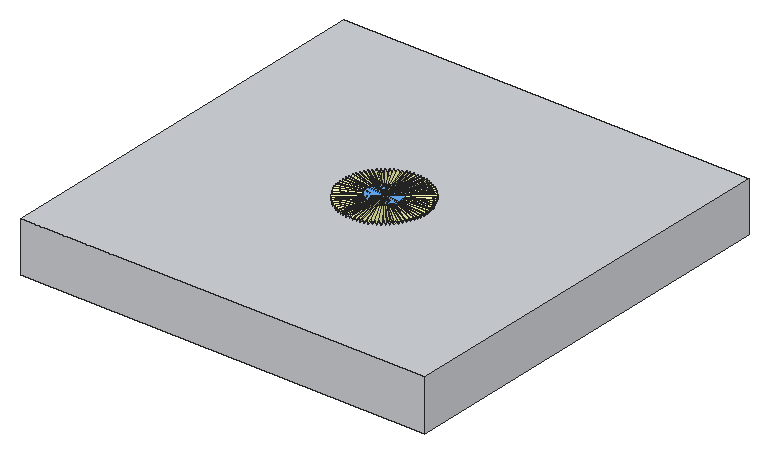
Revit family "Leque de Papel", category Mobiliário, Revit 2018 (continued)
Forms (mm)
  Sweep 140, solid, material "Papel" <- "Leque", visible <- "10", not visible
    profile origin (70, 0, 0) x (-0.504176, 0.863601, 0) y (0, 0, 1)
      loop
        line (7, 0) -> (0, 12.727) -> (-7, 0) -> (-6.105, -0.448) -> (0, 10.652) -> (6.105, -0.448) -> (7, 0)
  Sweep 141, solid, material "Papel" <- "Leque", visible <- "10", not visible
    path origin (70, 0, 0) x (-0.709663, 0.704541, 0) y (0.704541, 0.709663, 0)
      loop
        line (0, -50) -> (0, 50)
    profile origin (70, 0, 0) x (-0.709663, 0.704541, 0) y (0, 0, 1)
      loop
        line (-7, 0) -> (-6.105, -0.448) -> (0, 10.652) -> (6.105, -0.448) -> (7, 0) -> (0, 12.727) -> (-7, 0)
  Sweep 142, solid, material "Papel" <- "Leque", visible <- "10", not visible
    path origin (70, 0, 0) x (0.264644, -0.964346, 0) y (0.964346, 0.264644, 0)
      loop
        line (0, -50) -> (0, 50)
    profile origin (70, 0, 0) x (-0.264644, 0.964346, 0) y (0, 0, 1)
      loop
        line (7, 0) -> (0, 12.727) -> (-7, 0) -> (-6.105, -0.448) -> (0, 10.652) -> (6.105, -0.448) -> (7, 0)
  Sweep 143, solid, material "Papel" <- "Leque", visible <- "50"
    path origin (0, 0, 0.448) x (1, 0, 0) y (0, 1, 0)
      loop
        line (0, -250) -> (0, 250)
    profile origin (0, 0, 0.448) x (-1, 0, 0) y (0, 0, 1)
      loop
        line (10.75, 0) -> (0, 19.545) -> (-10.75, 0) -> (-9.855, -0.448) -> (0, 17.47) -> (9.855, -0.448) -> (10.75, 0)
  Sweep 144, solid, material "Papel" <- "Leque", visible <- "50"
    path origin (0, 0, 0.448) x (0, -1, 0) y (-1, 0, 0)
      loop
        line (0, -250) -> (0, 250)
    profile origin (0, 0, 0.448) x (0, -1, 0) y (0, 0, 1)
      loop
        line (-11, 0) -> (-10.105, -0.448) -> (0, 17.925) -> (10.105, -0.448) -> (11, 0) -> (0, 20) -> (-11, 0)
  Sweep 145, solid, material "Papel" <- "Leque", visible <- "50"
    path origin (0, 0, 0.448) x (-0.996609, -0.08228, 0) y (-0.08228, 0.996609, 0)
      loop
        line (0, -250) -> (0, 250)
    profile origin (0, 0, 0.448) x (-0.996609, -0.08228, 0) y (0, 0, 1)
      loop
        line (-10.75, 0) -> (-9.855, -0.448) -> (0, 17.47) -> (9.855, -0.448) -> (10.75, 0) -> (0, 19.545) -> (-10.75, 0)
  Sweep 146, solid, material "Papel" <- "Leque", visible <- "50"
    path origin (0, 0, 0.448) x (-0.98646, -0.164001, 0) y (-0.164001, 0.98646, 0)
      loop
        line (0, -250) -> (0, 250)
    profile origin (0, 0, 0.448) x (-0.98646, -0.164001, 0) y (0, 0, 1)
      loop
        line (-10.75, 0) -> (-9.855, -0.448) -> (0, 17.47) -> (9.855, -0.448) -> (10.75, 0) -> (0, 19.545) -> (-10.75, 0)
  Sweep 147, solid, material "Papel" <- "Leque", visible <- "50"
    path origin (0, 0, 0.448) x (-0.946207, -0.323561, 0) y (-0.323561, 0.946207, 0)
      loop
        line (0, -250) -> (0, 250)
    profile origin (0, 0, 0.448) x (-0.946207, -0.323561, 0) y (0, 0, 1)
      loop
        line (-10.75, 0) -> (-9.855, -0.448) -> (0, 17.47) -> (9.855, -0.448) -> (10.75, 0) -> (0, 19.545) -> (-10.75, 0)
  Sweep 148, solid, material "Papel" <- "Leque", visible <- "50"
    path origin (0, 0, 0.448) x (0.969621, 0.244611, 0) y (-0.244611, 0.969621, 0)
      loop
        line (0, -250) -> (0, 250)
    profile origin (0, 0, 0.448) x (-0.969621, -0.244611, 0) y (0, 0, 1)
      loop
        line (10.75, 0) -> (0, 19.545) -> (-10.75, 0) -> (-9.855, -0.448) -> (0, 17.47) -> (9.855, -0.448) -> (10.75, 0)
  Sweep 149, solid, material "Papel" <- "Leque", visible <- "50"
    path origin (0, 0, 0.448) x (-0.790616, -0.612312, 0) y (-0.612312, 0.790616, 0)
      loop
        line (0, -250) -> (0, 250)
    profile origin (0, 0, 0.448) x (-0.790616, -0.612312, 0) y (0, 0, 1)
      loop
        line (-10.75, 0) -> (-9.855, -0.448) -> (0, 17.47) -> (9.855, -0.448) -> (10.75, 0) -> (0, 19.545) -> (-10.75, 0)
  Sweep 150, solid, material "Papel" <- "Leque", visible <- "50"
    path origin (0, 0, 0.448) x (0.838316, 0.545184, 0) y (-0.545184, 0.838316, 0)
      loop
        line (0, -250) -> (0, 250)
    profile origin (0, 0, 0.448) x (-0.838316, -0.545184, 0) y (0, 0, 1)
      loop
        line (10.75, 0) -> (0, 19.545) -> (-10.75, 0) -> (-9.855, -0.448) -> (0, 17.47) -> (9.855, -0.448) -> (10.75, 0)
  Sweep 151, solid, material "Papel" <- "Leque", visible <- "50"
    path origin (0, 0, 0.448) x (0.880331, 0.474359, 0) y (-0.474359, 0.880331, 0)
      loop
        line (0, -250) -> (0, 250)
    profile origin (0, 0, 0.448) x (-0.880331, -0.474359, 0) y (0, 0, 1)
      loop
        line (10.75, 0) -> (0, 19.545) -> (-10.75, 0) -> (-9.855, -0.448) -> (0, 17.47) -> (9.855, -0.448) -> (10.75, 0)
  Sweep 152, solid, material "Papel" <- "Leque", visible <- "50"
    path origin (0, 0, 0.448) x (-0.916376, -0.400318, 0) y (-0.400318, 0.916376, 0)
      loop
        line (0, -250) -> (0, 250)
    profile origin (0, 0, 0.448) x (-0.916376, -0.400318, 0) y (0, 0, 1)
      loop
        line (-10.75, 0) -> (-9.855, -0.448) -> (0, 17.47) -> (9.855, -0.448) -> (10.75, 0) -> (0, 19.545) -> (-10.75, 0)
  Sweep 153, solid, material "Papel" <- "Leque", visible <- "50"
    path origin (0, 0, 0.448) x (-0.250148, -0.968207, 0) y (-0.968207, 0.250148, 0)
      loop
        line (0, -250) -> (0, 250)
    profile origin (0, 0, 0.448) x (-0.250148, -0.968207, 0) y (0, 0, 1)
      loop
        line (-10.75, 0) -> (-9.855, -0.448) -> (0, 17.47) -> (9.855, -0.448) -> (10.75, 0) -> (0, 19.545) -> (-10.75, 0)
  Sweep 154, solid, material "Papel" <- "Leque", visible <- "50"
    path origin (0, 0, 0.448) x (0.328964, 0.944342, 0) y (-0.944342, 0.328964, 0)
      loop
        line (0, -250) -> (0, 250)
    profile origin (0, 0, 0.448) x (-0.328964, -0.944342, 0) y (0, 0, 1)
      loop
        line (10.75, 0) -> (0, 19.545) -> (-10.75, 0) -> (-9.855, -0.448) -> (0, 17.47) -> (9.855, -0.448) -> (10.75, 0)
  Sweep 155, solid, material "Papel" <- "Leque", visible <- "50"
    path origin (0, 0, 0.448) x (0.405549, 0.914073, 0) y (-0.914073, 0.405549, 0)
      loop
        line (0, -250) -> (0, 250)
    profile origin (0, 0, 0.448) x (-0.405549, -0.914073, 0) y (0, 0, 1)
      loop
        line (10.75, 0) -> (0, 19.545) -> (-10.75, 0) -> (-9.855, -0.448) -> (0, 17.47) -> (9.855, -0.448) -> (10.75, 0)
  Sweep 156, solid, material "Papel" <- "Leque", visible <- "50"
    path origin (0, 0, 0.448) x (0.549967, 0.835187, 0) y (-0.835187, 0.549967, 0)
      loop
        line (0, -250) -> (0, 250)
    profile origin (0, 0, 0.448) x (-0.549967, -0.835187, 0) y (0, 0, 1)
      loop
        line (10.75, 0) -> (0, 19.545) -> (-10.75, 0) -> (-9.855, -0.448) -> (0, 17.47) -> (9.855, -0.448) -> (10.75, 0)
  Sweep 157, solid, material "Papel" <- "Leque", visible <- "50"
    path origin (0, 0, 0.448) x (-0.479383, -0.877606, 0) y (-0.877606, 0.479383, 0)
      loop
        line (0, -250) -> (0, 250)
    profile origin (0, 0, 0.448) x (-0.479383, -0.877606, 0) y (0, 0, 1)
      loop
        line (-10.75, 0) -> (-9.855, -0.448) -> (0, 17.47) -> (9.855, -0.448) -> (10.75, 0) -> (0, 19.545) -> (-10.75, 0)
  Sweep 158, solid, material "Papel" <- "Leque", visible <- "50"
    path origin (0, 0, 0.448) x (-0.737555, -0.675287, 0) y (-0.675287, 0.737555, 0)
      loop
        line (0, -250) -> (0, 250)
    profile origin (0, 0, 0.448) x (-0.737555, -0.675287, 0) y (0, 0, 1)
      loop
        line (-10.75, 0) -> (-9.855, -0.448) -> (0, 17.47) -> (9.855, -0.448) -> (10.75, 0) -> (0, 19.545) -> (-10.75, 0)
  Sweep 159, solid, material "Papel" <- "Leque", visible <- "50"
    path origin (0, 0, 0.448) x (-0.679492, -0.733683, 0) y (-0.733683, 0.679492, 0)
      loop
        line (0, -250) -> (0, 250)
    profile origin (0, 0, 0.448) x (-0.679492, -0.733683, 0) y (0, 0, 1)
      loop
        line (-10.75, 0) -> (-9.855, -0.448) -> (0, 17.47) -> (9.855, -0.448) -> (10.75, 0) -> (0, 19.545) -> (-10.75, 0)
  Sweep 160, solid, material "Papel" <- "Leque", visible <- "50"
    path origin (0, 0, 0.448) x (0.616821, 0.787104, 0) y (-0.787104, 0.616821, 0)
      loop
        line (0, -250) -> (0, 250)
    profile origin (0, 0, 0.448) x (-0.616821, -0.787104, 0) y (0, 0, 1)
      loop
        line (10.75, 0) -> (0, 19.545) -> (-10.75, 0) -> (-9.855, -0.448) -> (0, 17.47) -> (9.855, -0.448) -> (10.75, 0)
  Sweep 161, solid, material "Papel" <- "Leque", visible <- "50"
    path origin (0, 0, 0.448) x (-0.169637, -0.985507, 0) y (-0.985507, 0.169637, 0)
      loop
        line (0, -250) -> (0, 250)
    profile origin (0, 0, 0.448) x (-0.169637, -0.985507, 0) y (0, 0, 1)
      loop
        line (-10.75, 0) -> (-9.855, -0.448) -> (0, 17.47) -> (9.855, -0.448) -> (10.75, 0) -> (0, 19.545) -> (-10.75, 0)
  Sweep 162, solid, material "Papel" <- "Leque", visible <- "50"
    path origin (0, 0, 0.448) x (-0.087974, -0.996123, 0) y (-0.996123, 0.087974, 0)
      loop
        line (0, -250) -> (0, 250)
    profile origin (0, 0, 0.448) x (-0.087974, -0.996123, 0) y (0, 0, 1)
      loop
        line (-10.75, 0) -> (-9.855, -0.448) -> (0, 17.47) -> (9.855, -0.448) -> (10.75, 0) -> (0, 19.545) -> (-10.75, 0)
  Sweep 163, solid, material "Papel" <- "Leque", visible <- "50"
    path origin (0, 0, 0.448) x (-0.996609, 0.08228, 0) y (-0.08228, -0.996609, 0)
      loop
        line (0, -250) -> (0, 250)
    profile origin (0, 0, 0.448) x (0.996609, -0.08228, 0) y (0, 0, 1)
      loop
        line (10.75, 0) -> (0, 19.545) -> (-10.75, 0) -> (-9.855, -0.448) -> (0, 17.47) -> (9.855, -0.448) -> (10.75, 0)
  Sweep 164, solid, material "Papel" <- "Leque", visible <- "50"
    path origin (0, 0, 0.448) x (-0.98646, 0.164001, 0) y (-0.164001, -0.98646, 0)
      loop
        line (0, -250) -> (0, 250)
    profile origin (0, 0, 0.448) x (0.98646, -0.164001, 0) y (0, 0, 1)
      loop
        line (10.75, 0) -> (0, 19.545) -> (-10.75, 0) -> (-9.855, -0.448) -> (0, 17.47) -> (9.855, -0.448) -> (10.75, 0)
  Sweep 165, solid, material "Papel" <- "Leque", visible <- "50"
    path origin (0, 0, 0.448) x (-0.946207, 0.323561, 0) y (-0.323561, -0.946207, 0)
      loop
        line (0, -250) -> (0, 250)
    profile origin (0, 0, 0.448) x (0.946207, -0.323561, 0) y (0, 0, 1)
      loop
        line (10.75, 0) -> (0, 19.545) -> (-10.75, 0) -> (-9.855, -0.448) -> (0, 17.47) -> (9.855, -0.448) -> (10.75, 0)
  Sweep 166, solid, material "Papel" <- "Leque", visible <- "50"
    path origin (0, 0, 0.448) x (0.969621, -0.244611, 0) y (-0.244611, -0.969621, 0)
      loop
        line (0, -250) -> (0, 250)
    profile origin (0, 0, 0.448) x (0.969621, -0.244611, 0) y (0, 0, 1)
      loop
        line (-10.75, 0) -> (-9.855, -0.448) -> (0, 17.47) -> (9.855, -0.448) -> (10.75, 0) -> (0, 19.545) -> (-10.75, 0)
  Sweep 167, solid, material "Papel" <- "Leque", visible <- "50"
    path origin (0, 0, 0.448) x (-0.790616, 0.612312, 0) y (-0.612312, -0.790616, 0)
      loop
        line (0, -250) -> (0, 250)
    profile origin (0, 0, 0.448) x (0.790616, -0.612312, 0) y (0, 0, 1)
      loop
        line (10.75, 0) -> (0, 19.545) -> (-10.75, 0) -> (-9.855, -0.448) -> (0, 17.47) -> (9.855, -0.448) -> (10.75, 0)
  Sweep 168, solid, material "Papel" <- "Leque", visible <- "50"
    path origin (0, 0, 0.448) x (0.838316, -0.545184, 0) y (-0.545184, -0.838316, 0)
      loop
        line (0, -250) -> (0, 250)
    profile origin (0, 0, 0.448) x (0.838316, -0.545184, 0) y (0, 0, 1)
      loop
        line (-10.75, 0) -> (-9.855, -0.448) -> (0, 17.47) -> (9.855, -0.448) -> (10.75, 0) -> (0, 19.545) -> (-10.75, 0)
  Sweep 169, solid, material "Papel" <- "Leque", visible <- "50"
    path origin (0, 0, 0.448) x (0.880331, -0.474359, 0) y (-0.474359, -0.880331, 0)
      loop
        line (0, -250) -> (0, 250)
    profile origin (0, 0, 0.448) x (0.880331, -0.474359, 0) y (0, 0, 1)
      loop
        line (-10.75, 0) -> (-9.855, -0.448) -> (0, 17.47) -> (9.855, -0.448) -> (10.75, 0) -> (0, 19.545) -> (-10.75, 0)
  Sweep 170, solid, material "Papel" <- "Leque", visible <- "50"
    path origin (0, 0, 0.448) x (-0.916376, 0.400318, 0) y (-0.400318, -0.916376, 0)
      loop
        line (0, -250) -> (0, 250)
    profile origin (0, 0, 0.448) x (0.916376, -0.400318, 0) y (0, 0, 1)
      loop
        line (10.75, 0) -> (0, 19.545) -> (-10.75, 0) -> (-9.855, -0.448) -> (0, 17.47) -> (9.855, -0.448) -> (10.75, 0)
  Sweep 171, solid, material "Papel" <- "Leque", visible <- "50"
    path origin (0, 0, 0.448) x (-0.250148, 0.968207, 0) y (-0.968207, -0.250148, 0)
      loop
        line (0, -250) -> (0, 250)
    profile origin (0, 0, 0.448) x (0.250148, -0.968207, 0) y (0, 0, 1)
      loop
        line (10.75, 0) -> (0, 19.545) -> (-10.75, 0) -> (-9.855, -0.448) -> (0, 17.47) -> (9.855, -0.448) -> (10.75, 0)
  Sweep 172, solid, material "Papel" <- "Leque", visible <- "50"
    path origin (0, 0, 0.448) x (0.328964, -0.944342, 0) y (-0.944342, -0.328964, 0)
      loop
        line (0, -250) -> (0, 250)
    profile origin (0, 0, 0.448) x (0.328964, -0.944342, 0) y (0, 0, 1)
      loop
        line (-10.75, 0) -> (-9.855, -0.448) -> (0, 17.47) -> (9.855, -0.448) -> (10.75, 0) -> (0, 19.545) -> (-10.75, 0)
  Sweep 173, solid, material "Papel" <- "Leque", visible <- "50"
    path origin (0, 0, 0.448) x (0.405549, -0.914073, 0) y (-0.914073, -0.405549, 0)
      loop
        line (0, -250) -> (0, 250)
    profile origin (0, 0, 0.448) x (0.405549, -0.914073, 0) y (0, 0, 1)
      loop
        line (-10.75, 0) -> (-9.855, -0.448) -> (0, 17.47) -> (9.855, -0.448) -> (10.75, 0) -> (0, 19.545) -> (-10.75, 0)
  Sweep 174, solid, material "Papel" <- "Leque", visible <- "50"
    path origin (0, 0, 0.448) x (0.549967, -0.835187, 0) y (-0.835187, -0.549967, 0)
      loop
        line (0, -250) -> (0, 250)
    profile origin (0, 0, 0.448) x (0.549967, -0.835187, 0) y (0, 0, 1)
      loop
        line (-10.75, 0) -> (-9.855, -0.448) -> (0, 17.47) -> (9.855, -0.448) -> (10.75, 0) -> (0, 19.545) -> (-10.75, 0)
  Sweep 175, solid, material "Papel" <- "Leque", visible <- "50"
    path origin (0, 0, 0.448) x (-0.479383, 0.877606, 0) y (-0.877606, -0.479383, 0)
      loop
        line (0, -250) -> (0, 250)
    profile origin (0, 0, 0.448) x (0.479383, -0.877606, 0) y (0, 0, 1)
      loop
        line (10.75, 0) -> (0, 19.545) -> (-10.75, 0) -> (-9.855, -0.448) -> (0, 17.47) -> (9.855, -0.448) -> (10.75, 0)
  Sweep 176, solid, material "Papel" <- "Leque", visible <- "50"
    path origin (0, 0, 0.448) x (-0.737555, 0.675287, 0) y (-0.675287, -0.737555, 0)
      loop
        line (0, -250) -> (0, 250)
    profile origin (0, 0, 0.448) x (0.737555, -0.675287, 0) y (0, 0, 1)
      loop
        line (10.75, 0) -> (0, 19.545) -> (-10.75, 0) -> (-9.855, -0.448) -> (0, 17.47) -> (9.855, -0.448) -> (10.75, 0)
  Sweep 177, solid, material "Papel" <- "Leque", visible <- "50"
    path origin (0, 0, 0.448) x (-0.679492, 0.733683, 0) y (-0.733683, -0.679492, 0)
      loop
        line (0, -250) -> (0, 250)
    profile origin (0, 0, 0.448) x (0.679492, -0.733683, 0) y (0, 0, 1)
      loop
        line (10.75, 0) -> (0, 19.545) -> (-10.75, 0) -> (-9.855, -0.448) -> (0, 17.47) -> (9.855, -0.448) -> (10.75, 0)
  Sweep 178, solid, material "Papel" <- "Leque", visible <- "50"
    path origin (0, 0, 0.448) x (0.616821, -0.787104, 0) y (-0.787104, -0.616821, 0)
      loop
        line (0, -250) -> (0, 250)
    profile origin (0, 0, 0.448) x (0.616821, -0.787104, 0) y (0, 0, 1)
      loop
        line (-10.75, 0) -> (-9.855, -0.448) -> (0, 17.47) -> (9.855, -0.448) -> (10.75, 0) -> (0, 19.545) -> (-10.75, 0)
  Sweep 179, solid, material "Papel" <- "Leque", visible <- "50"
    path origin (0, 0, 0.448) x (-0.169637, 0.985507, 0) y (-0.985507, -0.169637, 0)
      loop
        line (0, -250) -> (0, 250)
    profile origin (0, 0, 0.448) x (0.169637, -0.985507, 0) y (0, 0, 1)
      loop
        line (10.75, 0) -> (0, 19.545) -> (-10.75, 0) -> (-9.855, -0.448) -> (0, 17.47) -> (9.855, -0.448) -> (10.75, 0)
  Sweep 180, solid, material "Papel" <- "Leque", visible <- "50"
    path origin (0, 0, 0.448) x (-0.087974, 0.996123, 0) y (-0.996123, -0.087974, 0)
      loop
        line (0, -250) -> (0, 250)
    profile origin (0, 0, 0.448) x (0.087974, -0.996123, 0) y (0, 0, 1)
      loop
        line (10.75, 0) -> (0, 19.545) -> (-10.75, 0) -> (-9.855, -0.448) -> (0, 17.47) -> (9.855, -0.448) -> (10.75, 0)
  Extrusion 181, solid, material "Papel 3" <- "Centro", visible <- "50"
    sketch origin (533.855, -4385.597, 20.448) x (-1, 0, 0) y (0, -1, 0)
      loop
        circle (533.855, -4385.597) r 100
    from 0 to 2
  Sweep 182, solid, material "Papel" <- "Leque", visible <- "40"
    path origin (0, 0, 0.448) x (1, 0, 0) y (0, 1, 0)
      loop
        line (0, -200) -> (0, 200)
    profile origin (0, 0, 0.448) x (-1, 0, 0) y (0, 0, 1)
      loop
        line (10.2, 0) -> (0, 18.545) -> (-10.2, 0) -> (-9.305, -0.448) -> (0, 16.47) -> (9.305, -0.448) -> (10.2, 0)
  Sweep 183, solid, material "Papel" <- "Leque", visible <- "40"
    path origin (0, 0, 0.448) x (0, -1, 0) y (-1, 0, 0)
      loop
        line (0, -200) -> (0, 200)
    profile origin (0, 0, 0.448) x (0, -1, 0) y (0, 0, 1)
      loop
        line (-10, 0) -> (-9.105, -0.448) -> (0, 16.107) -> (9.105, -0.448) -> (10, 0) -> (0, 18.182) -> (-10, 0)
  Sweep 184, solid, material "Papel" <- "Leque", visible <- "40"
    path origin (0, 0, 0.448) x (-0.995256, -0.097293, 0) y (-0.097293, 0.995256, 0)
      loop
        line (0, -200) -> (0, 200)
    profile origin (0, 0, 0.448) x (-0.995256, -0.097293, 0) y (0, 0, 1)
      loop
        line (-10.2, 0) -> (-9.305, -0.448) -> (0, 16.47) -> (9.305, -0.448) -> (10.2, 0) -> (0, 18.545) -> (-10.2, 0)
  Sweep 185, solid, material "Papel" <- "Leque", visible <- "40"
    path origin (0, 0, 0.448) x (-0.981068, -0.193662, 0) y (-0.193662, 0.981068, 0)
      loop
        line (0, -200) -> (0, 200)
    profile origin (0, 0, 0.448) x (-0.981068, -0.193662, 0) y (0, 0, 1)
      loop
        line (-10.2, 0) -> (-9.305, -0.448) -> (0, 16.47) -> (9.305, -0.448) -> (10.2, 0) -> (0, 18.545) -> (-10.2, 0)
  Sweep 186, solid, material "Papel" <- "Leque", visible <- "40"
    path origin (0, 0, 0.448) x (-0.92499, -0.379991, 0) y (-0.379991, 0.92499, 0)
      loop
        line (0, -200) -> (0, 200)
    profile origin (0, 0, 0.448) x (-0.92499, -0.379991, 0) y (0, 0, 1)
      loop
        line (-10.2, 0) -> (-9.305, -0.448) -> (0, 16.47) -> (9.305, -0.448) -> (10.2, 0) -> (0, 18.545) -> (-10.2, 0)
  Sweep 187, solid, material "Papel" <- "Leque", visible <- "40"
    path origin (0, 0, 0.448) x (0.957572, 0.288194, 0) y (-0.288194, 0.957572, 0)
      loop
        line (0, -200) -> (0, 200)
    profile origin (0, 0, 0.448) x (-0.957572, -0.288194, 0) y (0, 0, 1)
      loop
        line (10.2, 0) -> (0, 18.545) -> (-10.2, 0) -> (-9.305, -0.448) -> (0, 16.47) -> (9.305, -0.448) -> (10.2, 0)
  Sweep 188, solid, material "Papel" <- "Leque", visible <- "40"
    path origin (0, 0, 0.448) x (-0.711213, -0.702977, 0) y (-0.702977, 0.711213, 0)
      loop
        line (0, -200) -> (0, 200)
    profile origin (0, 0, 0.448) x (-0.711213, -0.702977, 0) y (0, 0, 1)
      loop
        line (-10.2, 0) -> (-9.305, -0.448) -> (0, 16.47) -> (9.305, -0.448) -> (10.2, 0) -> (0, 18.545) -> (-10.2, 0)
  Sweep 189, solid, material "Papel" <- "Leque", visible <- "40"
    path origin (0, 0, 0.448) x (0.776233, 0.630446, 0) y (-0.630446, 0.776233, 0)
      loop
        line (0, -200) -> (0, 200)
    profile origin (0, 0, 0.448) x (-0.776233, -0.630446, 0) y (0, 0, 1)
      loop
        line (10.2, 0) -> (0, 18.545) -> (-10.2, 0) -> (-9.305, -0.448) -> (0, 16.47) -> (9.305, -0.448) -> (10.2, 0)
  Sweep 190, solid, material "Papel" <- "Leque", visible <- "40"
    path origin (0, 0, 0.448) x (0.833888, 0.551933, 0) y (-0.551933, 0.833888, 0)
      loop
        line (0, -200) -> (0, 200)
    profile origin (0, 0, 0.448) x (-0.833888, -0.551933, 0) y (0, 0, 1)
      loop
        line (10.2, 0) -> (0, 18.545) -> (-10.2, 0) -> (-9.305, -0.448) -> (0, 16.47) -> (9.305, -0.448) -> (10.2, 0)
  Sweep 191, solid, material "Papel" <- "Leque", visible <- "40"
    path origin (0, 0, 0.448) x (-0.883631, -0.468183, 0) y (-0.468183, 0.883631, 0)
      loop
        line (0, -200) -> (0, 200)
    profile origin (0, 0, 0.448) x (-0.883631, -0.468183, 0) y (0, 0, 1)
      loop
        line (-10.2, 0) -> (-9.305, -0.448) -> (0, 16.47) -> (9.305, -0.448) -> (10.2, 0) -> (0, 18.545) -> (-10.2, 0)
  Sweep 192, solid, material "Papel" <- "Leque", visible <- "40"
    path origin (0, 0, 0.448) x (0.09901, 0.995086, 0) y (-0.995086, 0.09901, 0)
      loop
        line (0, -200) -> (0, 200)
    profile origin (0, 0, 0.448) x (-0.09901, -0.995086, 0) y (0, 0, 1)
      loop
        line (10.2, 0) -> (0, 18.545) -> (-10.2, 0) -> (-9.305, -0.448) -> (0, 16.47) -> (9.305, -0.448) -> (10.2, 0)
  Sweep 193, solid, material "Papel" <- "Leque", visible <- "40"
    path origin (0, 0, 0.448) x (0.19968, 0.979861, 0) y (-0.979861, 0.19968, 0)
      loop
        line (0, -200) -> (0, 200)
    profile origin (0, 0, 0.448) x (-0.19968, -0.979861, 0) y (0, 0, 1)
      loop
        line (10.2, 0) -> (0, 18.545) -> (-10.2, 0) -> (-9.305, -0.448) -> (0, 16.47) -> (9.305, -0.448) -> (10.2, 0)
  Sweep 194, solid, material "Papel" <- "Leque", visible <- "40"
    path origin (0, 0, 0.448) x (0.39074, 0.920501, 0) y (-0.920501, 0.39074, 0)
      loop
        line (0, -200) -> (0, 200)
    profile origin (0, 0, 0.448) x (-0.39074, -0.920501, 0) y (0, 0, 1)
      loop
        line (10.2, 0) -> (0, 18.545) -> (-10.2, 0) -> (-9.305, -0.448) -> (0, 16.47) -> (9.305, -0.448) -> (10.2, 0)
  Sweep 195, solid, material "Papel" <- "Leque", visible <- "40"
    path origin (0, 0, 0.448) x (-0.299328, -0.95415, 0) y (-0.95415, 0.299328, 0)
      loop
        line (0, -200) -> (0, 200)
    profile origin (0, 0, 0.448) x (-0.299328, -0.95415, 0) y (0, 0, 1)
      loop
        line (-10.2, 0) -> (-9.305, -0.448) -> (0, 16.47) -> (9.305, -0.448) -> (10.2, 0) -> (0, 18.545) -> (-10.2, 0)
  Sweep 196, solid, material "Papel" <- "Leque", visible <- "40"
    path origin (0, 0, 0.448) x (-0.639445, -0.768837, 0) y (-0.768837, 0.639445, 0)
      loop
        line (0, -200) -> (0, 200)
    profile origin (0, 0, 0.448) x (-0.639445, -0.768837, 0) y (0, 0, 1)
      loop
        line (-10.2, 0) -> (-9.305, -0.448) -> (0, 16.47) -> (9.305, -0.448) -> (10.2, 0) -> (0, 18.545) -> (-10.2, 0)
  Sweep 197, solid, material "Papel" <- "Leque", visible <- "40"
    path origin (0, 0, 0.448) x (-0.561609, -0.827403, 0) y (-0.827403, 0.561609, 0)
      loop
        line (0, -200) -> (0, 200)
    profile origin (0, 0, 0.448) x (-0.561609, -0.827403, 0) y (0, 0, 1)
      loop
        line (-10.2, 0) -> (-9.305, -0.448) -> (0, 16.47) -> (9.305, -0.448) -> (10.2, 0) -> (0, 18.545) -> (-10.2, 0)
  Sweep 198, solid, material "Papel" <- "Leque", visible <- "40"
    path origin (0, 0, 0.448) x (0.478444, 0.878118, 0) y (-0.878118, 0.478444, 0)
      loop
        line (0, -200) -> (0, 200)
    profile origin (0, 0, 0.448) x (-0.478444, -0.878118, 0) y (0, 0, 1)
      loop
        line (10.2, 0) -> (0, 18.545) -> (-10.2, 0) -> (-9.305, -0.448) -> (0, 16.47) -> (9.305, -0.448) -> (10.2, 0)
  Sweep 199, solid, material "Papel" <- "Leque", visible <- "40"
    path origin (0, 0, 0.448) x (0.995256, -0.097293, 0) y (0.097293, 0.995256, 0)
      loop
        line (0, -200) -> (0, 200)
    profile origin (0, 0, 0.448) x (-0.995256, 0.097293, 0) y (0, 0, 1)
      loop
        line (10.2, 0) -> (0, 18.545) -> (-10.2, 0) -> (-9.305, -0.448) -> (0, 16.47) -> (9.305, -0.448) -> (10.2, 0)
  Sweep 200, solid, material "Papel" <- "Leque", visible <- "40"
    path origin (0, 0, 0.448) x (0.981068, -0.193662, 0) y (0.193662, 0.981068, 0)
      loop
        line (0, -200) -> (0, 200)
    profile origin (0, 0, 0.448) x (-0.981068, 0.193662, 0) y (0, 0, 1)
      loop
        line (10.2, 0) -> (0, 18.545) -> (-10.2, 0) -> (-9.305, -0.448) -> (0, 16.47) -> (9.305, -0.448) -> (10.2, 0)
  Sweep 201, solid, material "Papel" <- "Leque", visible <- "40"
    path origin (0, 0, 0.448) x (0.92499, -0.379991, 0) y (0.379991, 0.92499, 0)
      loop
        line (0, -200) -> (0, 200)
    profile origin (0, 0, 0.448) x (-0.92499, 0.379991, 0) y (0, 0, 1)
      loop
        line (10.2, 0) -> (0, 18.545) -> (-10.2, 0) -> (-9.305, -0.448) -> (0, 16.47) -> (9.305, -0.448) -> (10.2, 0)
  Sweep 202, solid, material "Papel" <- "Leque", visible <- "40"
    path origin (0, 0, 0.448) x (-0.957572, 0.288194, 0) y (0.288194, 0.957572, 0)
      loop
        line (0, -200) -> (0, 200)
    profile origin (0, 0, 0.448) x (-0.957572, 0.288194, 0) y (0, 0, 1)
      loop
        line (-10.2, 0) -> (-9.305, -0.448) -> (0, 16.47) -> (9.305, -0.448) -> (10.2, 0) -> (0, 18.545) -> (-10.2, 0)
  Sweep 203, solid, material "Papel" <- "Leque", visible <- "40"
    path origin (0, 0, 0.448) x (0.711213, -0.702977, 0) y (0.702977, 0.711213, 0)
      loop
        line (0, -200) -> (0, 200)
    profile origin (0, 0, 0.448) x (-0.711213, 0.702977, 0) y (0, 0, 1)
      loop
        line (10.2, 0) -> (0, 18.545) -> (-10.2, 0) -> (-9.305, -0.448) -> (0, 16.47) -> (9.305, -0.448) -> (10.2, 0)
  Sweep 204, solid, material "Papel" <- "Leque", visible <- "40"
    path origin (0, 0, 0.448) x (-0.776233, 0.630446, 0) y (0.630446, 0.776233, 0)
      loop
        line (0, -200) -> (0, 200)
    profile origin (0, 0, 0.448) x (-0.776233, 0.630446, 0) y (0, 0, 1)
      loop
        line (-10.2, 0) -> (-9.305, -0.448) -> (0, 16.47) -> (9.305, -0.448) -> (10.2, 0) -> (0, 18.545) -> (-10.2, 0)
  Sweep 205, solid, material "Papel" <- "Leque", visible <- "40"
    path origin (0, 0, 0.448) x (-0.833888, 0.551933, 0) y (0.551933, 0.833888, 0)
      loop
        line (0, -200) -> (0, 200)
    profile origin (0, 0, 0.448) x (-0.833888, 0.551933, 0) y (0, 0, 1)
      loop
        line (-10.2, 0) -> (-9.305, -0.448) -> (0, 16.47) -> (9.305, -0.448) -> (10.2, 0) -> (0, 18.545) -> (-10.2, 0)
  Sweep 206, solid, material "Papel" <- "Leque", visible <- "40"
    path origin (0, 0, 0.448) x (0.883631, -0.468183, 0) y (0.468183, 0.883631, 0)
      loop
        line (0, -200) -> (0, 200)
    profile origin (0, 0, 0.448) x (-0.883631, 0.468183, 0) y (0, 0, 1)
      loop
        line (10.2, 0) -> (0, 18.545) -> (-10.2, 0) -> (-9.305, -0.448) -> (0, 16.47) -> (9.305, -0.448) -> (10.2, 0)
  Sweep 207, solid, material "Papel" <- "Leque", visible <- "40"
    path origin (0, 0, 0.448) x (-0.09901, 0.995086, 0) y (0.995086, 0.09901, 0)
      loop
        line (0, -200) -> (0, 200)
    profile origin (0, 0, 0.448) x (-0.09901, 0.995086, 0) y (0, 0, 1)
      loop
        line (-10.2, 0) -> (-9.305, -0.448) -> (0, 16.47) -> (9.305, -0.448) -> (10.2, 0) -> (0, 18.545) -> (-10.2, 0)
  Sweep 208, solid, material "Papel" <- "Leque", visible <- "40"
    path origin (0, 0, 0.448) x (-0.19968, 0.979861, 0) y (0.979861, 0.19968, 0)
      loop
        line (0, -200) -> (0, 200)
    profile origin (0, 0, 0.448) x (-0.19968, 0.979861, 0) y (0, 0, 1)
      loop
        line (-10.2, 0) -> (-9.305, -0.448) -> (0, 16.47) -> (9.305, -0.448) -> (10.2, 0) -> (0, 18.545) -> (-10.2, 0)
  Sweep 209, solid, material "Papel" <- "Leque", visible <- "40"
    path origin (0, 0, 0.448) x (-0.39074, 0.920501, 0) y (0.920501, 0.39074, 0)
      loop
        line (0, -200) -> (0, 200)
    profile origin (0, 0, 0.448) x (-0.39074, 0.920501, 0) y (0, 0, 1)
      loop
        line (-10.2, 0) -> (-9.305, -0.448) -> (0, 16.47) -> (9.305, -0.448) -> (10.2, 0) -> (0, 18.545) -> (-10.2, 0)
  Sweep 210, solid, material "Papel" <- "Leque", visible <- "40"
    path origin (0, 0, 0.448) x (0.299328, -0.95415, 0) y (0.95415, 0.299328, 0)
      loop
        line (0, -200) -> (0, 200)
    profile origin (0, 0, 0.448) x (-0.299328, 0.95415, 0) y (0, 0, 1)
      loop
        line (10.2, 0) -> (0, 18.545) -> (-10.2, 0) -> (-9.305, -0.448) -> (0, 16.47) -> (9.305, -0.448) -> (10.2, 0)
  Sweep 211, solid, material "Papel" <- "Leque", visible <- "40"
    path origin (0, 0, 0.448) x (0.639445, -0.768837, 0) y (0.768837, 0.639445, 0)
      loop
        line (0, -200) -> (0, 200)
    profile origin (0, 0, 0.448) x (-0.639445, 0.768837, 0) y (0, 0, 1)
      loop
        line (10.2, 0) -> (0, 18.545) -> (-10.2, 0) -> (-9.305, -0.448) -> (0, 16.47) -> (9.305, -0.448) -> (10.2, 0)
  Sweep 212, solid, material "Papel" <- "Leque", visible <- "40"
    path origin (0, 0, 0.448) x (0.561609, -0.827403, 0) y (0.827403, 0.561609, 0)
      loop
        line (0, -200) -> (0, 200)
    profile origin (0, 0, 0.448) x (-0.561609, 0.827403, 0) y (0, 0, 1)
      loop
        line (10.2, 0) -> (0, 18.545) -> (-10.2, 0) -> (-9.305, -0.448) -> (0, 16.47) -> (9.305, -0.448) -> (10.2, 0)
  Sweep 213, solid, material "Papel" <- "Leque", visible <- "40"
    path origin (0, 0, 0.448) x (-0.478444, 0.878118, 0) y (0.878118, 0.478444, 0)
      loop
        line (0, -200) -> (0, 200)
    profile origin (0, 0, 0.448) x (-0.478444, 0.878118, 0) y (0, 0, 1)
      loop
        line (-10.2, 0) -> (-9.305, -0.448) -> (0, 16.47) -> (9.305, -0.448) -> (10.2, 0) -> (0, 18.545) -> (-10.2, 0)
  Extrusion 214, solid, material "Papel 3" <- "Centro", visible <- "40"
    sketch origin (132.373, -4293.884, 20.448) x (-1, 0, 0) y (0, -1, 0)
      loop
        circle (132.373, -4293.884) r 80
    from -1.455 to 0.5
  Sweep 215, solid, material "Papel" <- "Leque", visible <- "30"
    path origin (0, 0, 0.448) x (1, 0, 0) y (0, 1, 0)
      loop
        line (0, -150) -> (0, 150)
    profile origin (0, 0, 0.448) x (-1, 0, 0) y (0, 0, 1)
      loop
        line (10.2, 0) -> (0, 18.545) -> (-10.2, 0) -> (-9.305, -0.448) -> (0, 16.47) -> (9.305, -0.448) -> (10.2, 0)
  Sweep 216, solid, material "Papel" <- "Leque", visible <- "30"
    path origin (0, 0, 0.448) x (0, -1, 0) y (-1, 0, 0)
      loop
        line (0, -150) -> (0, 150)
    profile origin (0, 0, 0.448) x (0, -1, 0) y (0, 0, 1)
      loop
        line (-10.2, 0) -> (-9.305, -0.448) -> (0, 16.47) -> (9.305, -0.448) -> (10.2, 0) -> (0, 18.545) -> (-10.2, 0)
  Sweep 217, solid, material "Papel" <- "Leque", visible <- "30"
    path origin (0, 0, 0.448) x (-0.991582, -0.129484, 0) y (0.129484, -0.991582, 0)
      loop
        line (0, -150) -> (0, 150)
    profile origin (0, 0, 0.448) x (0.991582, 0.129484, 0) y (0, 0, 1)
      loop
        line (10.2, 0) -> (0, 18.545) -> (-10.2, 0) -> (-9.305, -0.448) -> (0, 16.47) -> (9.305, -0.448) -> (10.2, 0)
  Sweep 218, solid, material "Papel" <- "Leque", visible <- "30"
    path origin (0, 0, 0.448) x (-0.966468, -0.256788, 0) y (-0.256788, 0.966468, 0)
      loop
        line (0, -150) -> (0, 150)
    profile origin (0, 0, 0.448) x (-0.966468, -0.256788, 0) y (0, 0, 1)
      loop
        line (-10.2, 0) -> (-9.305, -0.448) -> (0, 16.47) -> (9.305, -0.448) -> (10.2, 0) -> (0, 18.545) -> (-10.2, 0)
  Sweep 219, solid, material "Papel" <- "Leque", visible <- "30"
    path origin (0, 0, 0.448) x (-0.86812, -0.496355, 0) y (-0.496355, 0.86812, 0)
      loop
        line (0, -150) -> (0, 150)
    profile origin (0, 0, 0.448) x (-0.86812, -0.496355, 0) y (0, 0, 1)
      loop
        line (-10.2, 0) -> (-9.305, -0.448) -> (0, 16.47) -> (9.305, -0.448) -> (10.2, 0) -> (0, 18.545) -> (-10.2, 0)
  Sweep 220, solid, material "Papel" <- "Leque", visible <- "30"
    path origin (0, 0, 0.448) x (0.925082, 0.379768, 0) y (0.379768, -0.925082, 0)
      loop
        line (0, -150) -> (0, 150)
    profile origin (0, 0, 0.448) x (0.925082, 0.379768, 0) y (0, 0, 1)
      loop
        line (-10.2, 0) -> (-9.305, -0.448) -> (0, 16.47) -> (9.305, -0.448) -> (10.2, 0) -> (0, 18.545) -> (-10.2, 0)
  Sweep 221, solid, material "Papel" <- "Leque", visible <- "30"
    path origin (0, 0, 0.448) x (-0.507264, -0.861791, 0) y (-0.861791, 0.507264, 0)
      loop
        line (0, -150) -> (0, 150)
    profile origin (0, 0, 0.448) x (-0.507264, -0.861791, 0) y (0, 0, 1)
      loop
        line (-10.2, 0) -> (-9.305, -0.448) -> (0, 16.47) -> (9.305, -0.448) -> (10.2, 0) -> (0, 18.545) -> (-10.2, 0)
  Sweep 222, solid, material "Papel" <- "Leque", visible <- "30"
    path origin (0, 0, 0.448) x (0.614582, 0.788853, 0) y (0.788853, -0.614582, 0)
      loop
        line (0, -150) -> (0, 150)
    profile origin (0, 0, 0.448) x (0.614582, 0.788853, 0) y (0, 0, 1)
      loop
        line (-10.2, 0) -> (-9.305, -0.448) -> (0, 16.47) -> (9.305, -0.448) -> (10.2, 0) -> (0, 18.545) -> (-10.2, 0)
  Sweep 223, solid, material "Papel" <- "Leque", visible <- "30"
    path origin (0, 0, 0.448) x (0.711552, 0.702634, 0) y (-0.702634, 0.711552, 0)
      loop
        line (0, -150) -> (0, 150)
    profile origin (0, 0, 0.448) x (-0.711552, -0.702634, 0) y (0, 0, 1)
      loop
        line (10.2, 0) -> (0, 18.545) -> (-10.2, 0) -> (-9.305, -0.448) -> (0, 16.47) -> (9.305, -0.448) -> (10.2, 0)
  Sweep 224, solid, material "Papel" <- "Leque", visible <- "30"
    path origin (0, 0, 0.448) x (-0.796542, -0.604584, 0) y (0.604584, -0.796542, 0)
      loop
        line (0, -150) -> (0, 150)
    profile origin (0, 0, 0.448) x (0.796542, 0.604584, 0) y (0, 0, 1)
      loop
        line (10.2, 0) -> (0, 18.545) -> (-10.2, 0) -> (-9.305, -0.448) -> (0, 16.47) -> (9.305, -0.448) -> (10.2, 0)
  Sweep 225, solid, material "Papel" <- "Leque", visible <- "30"
    path origin (0, 0, 0.448) x (-0.391405, -0.920218, 0) y (0.920218, -0.391405, 0)
      loop
        line (0, -150) -> (0, 150)
    profile origin (0, 0, 0.448) x (0.391405, 0.920218, 0) y (0, 0, 1)
      loop
        line (10.2, 0) -> (0, 18.545) -> (-10.2, 0) -> (-9.305, -0.448) -> (0, 16.47) -> (9.305, -0.448) -> (10.2, 0)
  Sweep 226, solid, material "Papel" <- "Leque", visible <- "30"
    path origin (0, 0, 0.448) x (-0.266604, -0.963806, 0) y (-0.963806, 0.266604, 0)
      loop
        line (0, -150) -> (0, 150)
    profile origin (0, 0, 0.448) x (-0.266604, -0.963806, 0) y (0, 0, 1)
      loop
        line (-10.2, 0) -> (-9.305, -0.448) -> (0, 16.47) -> (9.305, -0.448) -> (10.2, 0) -> (0, 18.545) -> (-10.2, 0)
  Sweep 227, solid, material "Papel" <- "Leque", visible <- "30"
    path origin (0, 0, 0.448) x (0.133675, 0.991025, 0) y (0.991025, -0.133675, 0)
      loop
        line (0, -150) -> (0, 150)
    profile origin (0, 0, 0.448) x (0.133675, 0.991025, 0) y (0, 0, 1)
      loop
        line (-10.2, 0) -> (-9.305, -0.448) -> (0, 16.47) -> (9.305, -0.448) -> (10.2, 0) -> (0, 18.545) -> (-10.2, 0)
  Sweep 228, solid, material "Papel" <- "Leque", visible <- "30"
    path origin (0, 0, 0.448) x (-0.991582, 0.129484, 0) y (0.129484, 0.991582, 0)
      loop
        line (0, -150) -> (0, 150)
    profile origin (0, 0, 0.448) x (-0.991582, 0.129484, 0) y (0, 0, 1)
      loop
        line (-10.2, 0) -> (-9.305, -0.448) -> (0, 16.47) -> (9.305, -0.448) -> (10.2, 0) -> (0, 18.545) -> (-10.2, 0)
  Sweep 229, solid, material "Papel" <- "Leque", visible <- "30"
    path origin (0, 0, 0.448) x (-0.966468, 0.256788, 0) y (-0.256788, -0.966468, 0)
      loop
        line (0, -150) -> (0, 150)
    profile origin (0, 0, 0.448) x (0.966468, -0.256788, 0) y (0, 0, 1)
      loop
        line (10.2, 0) -> (0, 18.545) -> (-10.2, 0) -> (-9.305, -0.448) -> (0, 16.47) -> (9.305, -0.448) -> (10.2, 0)
  Sweep 230, solid, material "Papel" <- "Leque", visible <- "30"
    path origin (0, 0, 0.448) x (-0.86812, 0.496355, 0) y (-0.496355, -0.86812, 0)
      loop
        line (0, -150) -> (0, 150)
    profile origin (0, 0, 0.448) x (0.86812, -0.496355, 0) y (0, 0, 1)
      loop
        line (10.2, 0) -> (0, 18.545) -> (-10.2, 0) -> (-9.305, -0.448) -> (0, 16.47) -> (9.305, -0.448) -> (10.2, 0)
  Sweep 231, solid, material "Papel" <- "Leque", visible <- "30"
    path origin (0, 0, 0.448) x (0.925082, -0.379768, 0) y (0.379768, 0.925082, 0)
      loop
        line (0, -150) -> (0, 150)
    profile origin (0, 0, 0.448) x (-0.925082, 0.379768, 0) y (0, 0, 1)
      loop
        line (10.2, 0) -> (0, 18.545) -> (-10.2, 0) -> (-9.305, -0.448) -> (0, 16.47) -> (9.305, -0.448) -> (10.2, 0)
  Sweep 232, solid, material "Papel" <- "Leque", visible <- "30"
    path origin (0, 0, 0.448) x (-0.507264, 0.861791, 0) y (-0.861791, -0.507264, 0)
      loop
        line (0, -150) -> (0, 150)
    profile origin (0, 0, 0.448) x (0.507264, -0.861791, 0) y (0, 0, 1)
      loop
        line (10.2, 0) -> (0, 18.545) -> (-10.2, 0) -> (-9.305, -0.448) -> (0, 16.47) -> (9.305, -0.448) -> (10.2, 0)
  Sweep 233, solid, material "Papel" <- "Leque", visible <- "30"
    path origin (0, 0, 0.448) x (0.614582, -0.788853, 0) y (0.788853, 0.614582, 0)
      loop
        line (0, -150) -> (0, 150)
    profile origin (0, 0, 0.448) x (-0.614582, 0.788853, 0) y (0, 0, 1)
      loop
        line (10.2, 0) -> (0, 18.545) -> (-10.2, 0) -> (-9.305, -0.448) -> (0, 16.47) -> (9.305, -0.448) -> (10.2, 0)
  Sweep 234, solid, material "Papel" <- "Leque", visible <- "30"
    path origin (0, 0, 0.448) x (0.711552, -0.702634, 0) y (-0.702634, -0.711552, 0)
      loop
        line (0, -150) -> (0, 150)
    profile origin (0, 0, 0.448) x (0.711552, -0.702634, 0) y (0, 0, 1)
      loop
        line (-10.2, 0) -> (-9.305, -0.448) -> (0, 16.47) -> (9.305, -0.448) -> (10.2, 0) -> (0, 18.545) -> (-10.2, 0)
  Sweep 235, solid, material "Papel" <- "Leque", visible <- "30"
    path origin (0, 0, 0.448) x (-0.796542, 0.604584, 0) y (0.604584, 0.796542, 0)
      loop
        line (0, -150) -> (0, 150)
    profile origin (0, 0, 0.448) x (-0.796542, 0.604584, 0) y (0, 0, 1)
      loop
        line (-10.2, 0) -> (-9.305, -0.448) -> (0, 16.47) -> (9.305, -0.448) -> (10.2, 0) -> (0, 18.545) -> (-10.2, 0)
  Sweep 236, solid, material "Papel" <- "Leque", visible <- "30"
    path origin (0, 0, 0.448) x (-0.391405, 0.920218, 0) y (0.920218, 0.391405, 0)
      loop
        line (0, -150) -> (0, 150)
    profile origin (0, 0, 0.448) x (-0.391405, 0.920218, 0) y (0, 0, 1)
      loop
        line (-10.2, 0) -> (-9.305, -0.448) -> (0, 16.47) -> (9.305, -0.448) -> (10.2, 0) -> (0, 18.545) -> (-10.2, 0)
  Sweep 237, solid, material "Papel" <- "Leque", visible <- "30"
    path origin (0, 0, 0.448) x (-0.266604, 0.963806, 0) y (-0.963806, -0.266604, 0)
      loop
        line (0, -150) -> (0, 150)
    profile origin (0, 0, 0.448) x (0.266604, -0.963806, 0) y (0, 0, 1)
      loop
        line (10.2, 0) -> (0, 18.545) -> (-10.2, 0) -> (-9.305, -0.448) -> (0, 16.47) -> (9.305, -0.448) -> (10.2, 0)
  Sweep 238, solid, material "Papel" <- "Leque", visible <- "30"
    path origin (0, 0, 0.448) x (0.133675, -0.991025, 0) y (0.991025, 0.133675, 0)
      loop
        line (0, -150) -> (0, 150)
    profile origin (0, 0, 0.448) x (-0.133675, 0.991025, 0) y (0, 0, 1)
      loop
        line (10.2, 0) -> (0, 18.545) -> (-10.2, 0) -> (-9.305, -0.448) -> (0, 16.47) -> (9.305, -0.448) -> (10.2, 0)
  Extrusion 239, solid, material "Papel 3" <- "Centro", visible <- "30"
    sketch origin (494.939, -4489.239, 20.448) x (-1, 0, 0) y (0, -1, 0)
      loop
        circle (494.939, -4489.239) r 60
    from -1.455 to 0.5
  Sweep 240, solid, material "Papel" <- "Leque", visible <- "20"
    path origin (0, 0, 0.448) x (1, 0, 0) y (0, 1, 0)
      loop
        line (0, -100) -> (0, 100)
    profile origin (0, 0, 0.448) x (-1, 0, 0) y (0, 0, 1)
      loop
        line (9, 0) -> (0, 16.364) -> (-9, 0) -> (-8.105, -0.448) -> (0, 14.289) -> (8.105, -0.448) -> (9, 0)
  Sweep 241, solid, material "Papel" <- "Leque", visible <- "20"
    path origin (0, 0, 0.448) x (0, -1, 0) y (-1, 0, 0)
      loop
        line (0, -100) -> (0, 100)
    profile origin (0, 0, 0.448) x (0, -1, 0) y (0, 0, 1)
      loop
        line (-9, 0) -> (-8.105, -0.448) -> (0, 14.289) -> (8.105, -0.448) -> (9, 0) -> (0, 16.364) -> (-9, 0)
  Sweep 242, solid, material "Papel" <- "Leque", visible <- "20"
    path origin (0, 0, 0.448) x (-0.985478, -0.169803, 0) y (-0.169803, 0.985478, 0)
      loop
        line (0, -100) -> (0, 100)
    profile origin (0, 0, 0.448) x (-0.985478, -0.169803, 0) y (0, 0, 1)
      loop
        line (-9, 0) -> (-8.105, -0.448) -> (0, 14.289) -> (8.105, -0.448) -> (9, 0) -> (0, 16.364) -> (-9, 0)
  Sweep 243, solid, material "Papel" <- "Leque", visible <- "20"
    path origin (0, 0, 0.448) x (-0.942334, -0.334675, 0) y (-0.334675, 0.942334, 0)
      loop
        line (0, -100) -> (0, 100)
    profile origin (0, 0, 0.448) x (-0.942334, -0.334675, 0) y (0, 0, 1)
      loop
        line (-9, 0) -> (-8.105, -0.448) -> (0, 14.289) -> (8.105, -0.448) -> (9, 0) -> (0, 16.364) -> (-9, 0)
  Sweep 244, solid, material "Papel" <- "Leque", visible <- "20"
    path origin (0, 0, 0.448) x (-0.775985, -0.630751, 0) y (-0.630751, 0.775985, 0)
      loop
        line (0, -100) -> (0, 100)
    profile origin (0, 0, 0.448) x (-0.775985, -0.630751, 0) y (0, 0, 1)
      loop
        line (-9, 0) -> (-8.105, -0.448) -> (0, 14.289) -> (8.105, -0.448) -> (9, 0) -> (0, 16.364) -> (-9, 0)
  Sweep 245, solid, material "Papel" <- "Leque", visible <- "20"
    path origin (0, 0, 0.448) x (0.87182, 0.489827, 0) y (-0.489827, 0.87182, 0)
      loop
        line (0, -100) -> (0, 100)
    profile origin (0, 0, 0.448) x (-0.87182, -0.489827, 0) y (0, 0, 1)
      loop
        line (9, 0) -> (0, 16.364) -> (-9, 0) -> (-8.105, -0.448) -> (0, 14.289) -> (8.105, -0.448) -> (9, 0)
  Sweep 246, solid, material "Papel" <- "Leque", visible <- "20"
    path origin (0, 0, 0.448) x (0.351369, 0.936237, 0) y (-0.936237, 0.351369, 0)
      loop
        line (0, -100) -> (0, 100)
    profile origin (0, 0, 0.448) x (-0.351369, -0.936237, 0) y (0, 0, 1)
      loop
        line (9, 0) -> (0, 16.364) -> (-9, 0) -> (-8.105, -0.448) -> (0, 14.289) -> (8.105, -0.448) -> (9, 0)
  Sweep 247, solid, material "Papel" <- "Leque", visible <- "20"
    path origin (-0.657, -0.657, 0.448) x (0.52014, 0.854081, 0) y (-0.854081, 0.52014, 0)
      loop
        line (0, -100) -> (0, 100)
    profile origin (-0.657, -0.657, 0.448) x (-0.52014, -0.854081, 0) y (0, 0, 1)
      loop
        line (9, 0) -> (0, 16.364) -> (-9, 0) -> (-8.105, -0.448) -> (0, 14.289) -> (8.105, -0.448) -> (9, 0)
  Sweep 248, solid, material "Papel" <- "Leque", visible <- "20"
    path origin (0, 0, 0.448) x (-0.657612, -0.753356, 0) y (-0.753356, 0.657612, 0)
      loop
        line (0, -100) -> (0, 100)
    profile origin (0, 0, 0.448) x (-0.657612, -0.753356, 0) y (0, 0, 1)
      loop
        line (-9, 0) -> (-8.105, -0.448) -> (0, 14.289) -> (8.105, -0.448) -> (9, 0) -> (0, 16.364) -> (-9, 0)
  Sweep 249, solid, material "Papel" <- "Leque", visible <- "20"
    path origin (0, 0, 0.448) x (-0.178554, -0.98393, 0) y (-0.98393, 0.178554, 0)
      loop
        line (0, -100) -> (0, 100)
    profile origin (0, 0, 0.448) x (-0.178554, -0.98393, 0) y (0, 0, 1)
      loop
        line (-9, 0) -> (-8.105, -0.448) -> (0, 14.289) -> (8.105, -0.448) -> (9, 0) -> (0, 16.364) -> (-9, 0)
  Sweep 250, solid, material "Papel" <- "Leque", visible <- "20"
    path origin (0, 0, 0.448) x (-0.985478, 0.169803, 0) y (-0.169803, -0.985478, 0)
      loop
        line (0, -100) -> (0, 100)
    profile origin (0, 0, 0.448) x (0.985478, -0.169803, 0) y (0, 0, 1)
      loop
        line (9, 0) -> (0, 16.364) -> (-9, 0) -> (-8.105, -0.448) -> (0, 14.289) -> (8.105, -0.448) -> (9, 0)
  Sweep 251, solid, material "Papel" <- "Leque", visible <- "20"
    path origin (0, 0, 0.448) x (-0.942334, 0.334675, 0) y (-0.334675, -0.942334, 0)
      loop
        line (0, -100) -> (0, 100)
    profile origin (0, 0, 0.448) x (0.942334, -0.334675, 0) y (0, 0, 1)
      loop
        line (9, 0) -> (0, 16.364) -> (-9, 0) -> (-8.105, -0.448) -> (0, 14.289) -> (8.105, -0.448) -> (9, 0)
  Sweep 252, solid, material "Papel" <- "Leque", visible <- "20"
    path origin (0, 0, 0.448) x (-0.775985, 0.630751, 0) y (-0.630751, -0.775985, 0)
      loop
        line (0, -100) -> (0, 100)
    profile origin (0, 0, 0.448) x (0.775985, -0.630751, 0) y (0, 0, 1)
      loop
        line (9, 0) -> (0, 16.364) -> (-9, 0) -> (-8.105, -0.448) -> (0, 14.289) -> (8.105, -0.448) -> (9, 0)
  Sweep 253, solid, material "Papel" <- "Leque", visible <- "20"
    path origin (0, 0, 0.448) x (0.87182, -0.489827, 0) y (-0.489827, -0.87182, 0)
      loop
        line (0, -100) -> (0, 100)
    profile origin (0, 0, 0.448) x (0.87182, -0.489827, 0) y (0, 0, 1)
      loop
        line (-9, 0) -> (-8.105, -0.448) -> (0, 14.289) -> (8.105, -0.448) -> (9, 0) -> (0, 16.364) -> (-9, 0)
  Sweep 254, solid, material "Papel" <- "Leque", visible <- "20"
    path origin (0, 0, 0.448) x (0.351369, -0.936237, 0) y (-0.936237, -0.351369, 0)
      loop
        line (0, -100) -> (0, 100)
    profile origin (0, 0, 0.448) x (0.351369, -0.936237, 0) y (0, 0, 1)
      loop
        line (-9, 0) -> (-8.105, -0.448) -> (0, 14.289) -> (8.105, -0.448) -> (9, 0) -> (0, 16.364) -> (-9, 0)
  Sweep 255, solid, material "Papel" <- "Leque", visible <- "20"
    path origin (-0.657, 0.657, 0.448) x (0.52014, -0.854081, 0) y (-0.854081, -0.52014, 0)
      loop
        line (0, -100) -> (0, 100)
    profile origin (-0.657, 0.657, 0.448) x (0.52014, -0.854081, 0) y (0, 0, 1)
      loop
        line (-9, 0) -> (-8.105, -0.448) -> (0, 14.289) -> (8.105, -0.448) -> (9, 0) -> (0, 16.364) -> (-9, 0)
  Sweep 256, solid, material "Papel" <- "Leque", visible <- "20"
    path origin (0, 0, 0.448) x (-0.657612, 0.753356, 0) y (-0.753356, -0.657612, 0)
      loop
        line (0, -100) -> (0, 100)
    profile origin (0, 0, 0.448) x (0.657612, -0.753356, 0) y (0, 0, 1)
      loop
        line (9, 0) -> (0, 16.364) -> (-9, 0) -> (-8.105, -0.448) -> (0, 14.289) -> (8.105, -0.448) -> (9, 0)
  Sweep 257, solid, material "Papel" <- "Leque", visible <- "20"
    path origin (0, 0, 0.448) x (-0.178554, 0.98393, 0) y (-0.98393, -0.178554, 0)
      loop
        line (0, -100) -> (0, 100)
    profile origin (0, 0, 0.448) x (0.178554, -0.98393, 0) y (0, 0, 1)
      loop
        line (9, 0) -> (0, 16.364) -> (-9, 0) -> (-8.105, -0.448) -> (0, 14.289) -> (8.105, -0.448) -> (9, 0)
  Sweep 258, solid, material "Papel" <- "Leque", visible <- "20"
    path origin (0, 0, 0.448) x (1, 0, 0) y (0, 1, 0)
      loop
        line (0, -50) -> (0, 50)
    profile origin (0, 0, 0.448) x (-1, 0, 0) y (0, 0, 1)
      loop
        line (7, 0) -> (0, 12.727) -> (-7, 0) -> (-6.105, -0.448) -> (0, 10.652) -> (6.105, -0.448) -> (7, 0)
  Sweep 259, solid, material "Papel" <- "Leque", visible <- "20"
    path origin (0, 0, 0.448) x (0, -1, 0) y (-1, 0, 0)
      loop
        line (0, -50) -> (0, 50)
    profile origin (0, 0, 0.448) x (0, -1, 0) y (0, 0, 1)
      loop
        line (-7, 0) -> (-6.105, -0.448) -> (0, 10.652) -> (6.105, -0.448) -> (7, 0) -> (0, 12.727) -> (-7, 0)
  Sweep 260, solid, material "Papel" <- "Leque", visible <- "20"
    path origin (0, 0, 0.448) x (-0.966238, -0.257653, 0) y (-0.257653, 0.966238, 0)
      loop
        line (0, -50) -> (0, 50)
    profile origin (0, 0, 0.448) x (-0.966238, -0.257653, 0) y (0, 0, 1)
      loop
        line (-7, 0) -> (-6.105, -0.448) -> (0, 10.652) -> (6.105, -0.448) -> (7, 0) -> (0, 12.727) -> (-7, 0)
  Sweep 261, solid, material "Papel" <- "Leque", visible <- "20"
    path origin (0, 0, 0.448) x (-0.86723, -0.497908, 0) y (-0.497908, 0.86723, 0)
      loop
        line (0, -50) -> (0, 50)
    profile origin (0, 0, 0.448) x (-0.86723, -0.497908, 0) y (0, 0, 1)
      loop
        line (-7, 0) -> (-6.105, -0.448) -> (0, 10.652) -> (6.105, -0.448) -> (7, 0) -> (0, 12.727) -> (-7, 0)
  Sweep 262, solid, material "Papel" <- "Leque", visible <- "20"
    path origin (0, 0, 0.448) x (-0.504176, -0.863601, 0) y (-0.863601, 0.504176, 0)
      loop
        line (0, -50) -> (0, 50)
    profile origin (0, 0, 0.448) x (-0.504176, -0.863601, 0) y (0, 0, 1)
      loop
        line (-7, 0) -> (-6.105, -0.448) -> (0, 10.652) -> (6.105, -0.448) -> (7, 0) -> (0, 12.727) -> (-7, 0)
  Sweep 263, solid, material "Papel" <- "Leque", visible <- "20"
    path origin (0, 0, 0.448) x (0.709663, 0.704541, 0) y (-0.704541, 0.709663, 0)
      loop
        line (0, -50) -> (0, 50)
    profile origin (0, 0, 0.448) x (-0.709663, -0.704541, 0) y (0, 0, 1)
      loop
        line (7, 0) -> (0, 12.727) -> (-7, 0) -> (-6.105, -0.448) -> (0, 10.652) -> (6.105, -0.448) -> (7, 0)
  Sweep 264, solid, material "Papel" <- "Leque", visible <- "20"
    path origin (0, 0, 0.448) x (-0.264644, -0.964346, 0) y (-0.964346, 0.264644, 0)
      loop
        line (0, -50) -> (0, 50)
    profile origin (0, 0, 0.448) x (-0.264644, -0.964346, 0) y (0, 0, 1)
      loop
        line (-7, 0) -> (-6.105, -0.448) -> (0, 10.652) -> (6.105, -0.448) -> (7, 0) -> (0, 12.727) -> (-7, 0)
  Sweep 265, solid, material "Papel" <- "Leque", visible <- "20"
    path origin (0, 0, 0.448) x (0.966238, -0.257653, 0) y (0.257653, 0.966238, 0)
      loop
        line (0, -50) -> (0, 50)
    profile origin (0, 0, 0.448) x (-0.966238, 0.257653, 0) y (0, 0, 1)
      loop
        line (7, 0) -> (0, 12.727) -> (-7, 0) -> (-6.105, -0.448) -> (0, 10.652) -> (6.105, -0.448) -> (7, 0)
  Sweep 266, solid, material "Papel" <- "Leque", visible <- "20"
    path origin (0, 0, 0.448) x (0.86723, -0.497908, 0) y (0.497908, 0.86723, 0)
      loop
        line (0, -50) -> (0, 50)
    profile origin (0, 0, 0.448) x (-0.86723, 0.497908, 0) y (0, 0, 1)
      loop
        line (7, 0) -> (0, 12.727) -> (-7, 0) -> (-6.105, -0.448) -> (0, 10.652) -> (6.105, -0.448) -> (7, 0)
  Sweep 267, solid, material "Papel" <- "Leque", visible <- "20"
    path origin (0, 0, 0.448) x (0.504176, -0.863601, 0) y (0.863601, 0.504176, 0)
      loop
        line (0, -50) -> (0, 50)
    profile origin (0, 0, 0.448) x (-0.504176, 0.863601, 0) y (0, 0, 1)
      loop
        line (7, 0) -> (0, 12.727) -> (-7, 0) -> (-6.105, -0.448) -> (0, 10.652) -> (6.105, -0.448) -> (7, 0)
  Sweep 268, solid, material "Papel" <- "Leque", visible <- "20"
    path origin (0, 0, 0.448) x (-0.709663, 0.704541, 0) y (0.704541, 0.709663, 0)
      loop
        line (0, -50) -> (0, 50)
    profile origin (0, 0, 0.448) x (-0.709663, 0.704541, 0) y (0, 0, 1)
      loop
        line (-7, 0) -> (-6.105, -0.448) -> (0, 10.652) -> (6.105, -0.448) -> (7, 0) -> (0, 12.727) -> (-7, 0)
  Sweep 269, solid, material "Papel" <- "Leque", visible <- "20"
    path origin (0, 0, 0.448) x (0.264644, -0.964346, 0) y (0.964346, 0.264644, 0)
      loop
        line (0, -50) -> (0, 50)
    profile origin (0, 0, 0.448) x (-0.264644, 0.964346, 0) y (0, 0, 1)
      loop
        line (7, 0) -> (0, 12.727) -> (-7, 0) -> (-6.105, -0.448) -> (0, 10.652) -> (6.105, -0.448) -> (7, 0)
  Extrusion 270, solid, material "Papel 3" <- "Centro", visible <- "20"
    sketch origin (58.145, -4428.31, 20.448) x (-1, 0, 0) y (0, -1, 0)
      loop
        circle (58.145, -4428.31) r 40
    from -3.636 to -1.6
  Extrusion 271, solid, material "Papel 3" <- "Centro", visible <- "10"
    sketch origin (-250, -4572, 20.448) x (-1, 0, 0) y (0, -1, 0)
      loop
        circle (-250, -4572) r 20
    from -7.273 to -5.3
  Sweep 272, solid, material "Papel" <- "Leque", visible <- "10"
    path origin (0, 0, 0.448) x (1, 0, 0) y (0, 1, 0)
      loop
        line (0, -50) -> (0, 50)
    profile origin (0, 0, 0.448) x (-1, 0, 0) y (0, 0, 1)
      loop
        line (7, 0) -> (0, 12.727) -> (-7, 0) -> (-6.105, -0.448) -> (0, 10.652) -> (6.105, -0.448) -> (7, 0)
  Sweep 273, solid, material "Papel" <- "Leque", visible <- "10"
    path origin (0, 0, 0.448) x (0, -1, 0) y (-1, 0, 0)
      loop
        line (0, -50) -> (0, 50)
    profile origin (0, 0, 0.448) x (0, -1, 0) y (0, 0, 1)
      loop
        line (-7, 0) -> (-6.105, -0.448) -> (0, 10.652) -> (6.105, -0.448) -> (7, 0) -> (0, 12.727) -> (-7, 0)
  Sweep 274, solid, material "Papel" <- "Leque", visible <- "10"
    path origin (0, 0, 0.448) x (-0.966238, -0.257653, 0) y (-0.257653, 0.966238, 0)
      loop
        line (0, -50) -> (0, 50)
    profile origin (0, 0, 0.448) x (-0.966238, -0.257653, 0) y (0, 0, 1)
      loop
        line (-7, 0) -> (-6.105, -0.448) -> (0, 10.652) -> (6.105, -0.448) -> (7, 0) -> (0, 12.727) -> (-7, 0)
  Sweep 275, solid, material "Papel" <- "Leque", visible <- "10"
    path origin (0, 0, 0.448) x (-0.86723, -0.497908, 0) y (-0.497908, 0.86723, 0)
      loop
        line (0, -50) -> (0, 50)
    profile origin (0, 0, 0.448) x (-0.86723, -0.497908, 0) y (0, 0, 1)
      loop
        line (-7, 0) -> (-6.105, -0.448) -> (0, 10.652) -> (6.105, -0.448) -> (7, 0) -> (0, 12.727) -> (-7, 0)
  Sweep 276, solid, material "Papel" <- "Leque", visible <- "10"
    path origin (0, 0, 0.448) x (-0.504176, -0.863601, 0) y (-0.863601, 0.504176, 0)
      loop
        line (0, -50) -> (0, 50)
    profile origin (0, 0, 0.448) x (-0.504176, -0.863601, 0) y (0, 0, 1)
      loop
        line (-7, 0) -> (-6.105, -0.448) -> (0, 10.652) -> (6.105, -0.448) -> (7, 0) -> (0, 12.727) -> (-7, 0)
  Sweep 277, solid, material "Papel" <- "Leque", visible <- "10"
    path origin (0, 0, 0.448) x (0.709663, 0.704541, 0) y (-0.704541, 0.709663, 0)
      loop
        line (0, -50) -> (0, 50)
    profile origin (0, 0, 0.448) x (-0.709663, -0.704541, 0) y (0, 0, 1)
      loop
        line (7, 0) -> (0, 12.727) -> (-7, 0) -> (-6.105, -0.448) -> (0, 10.652) -> (6.105, -0.448) -> (7, 0)
  Sweep 278, solid, material "Papel" <- "Leque", visible <- "10"
    path origin (0, 0, 0.448) x (-0.264644, -0.964346, 0) y (-0.964346, 0.264644, 0)
      loop
        line (0, -50) -> (0, 50)
